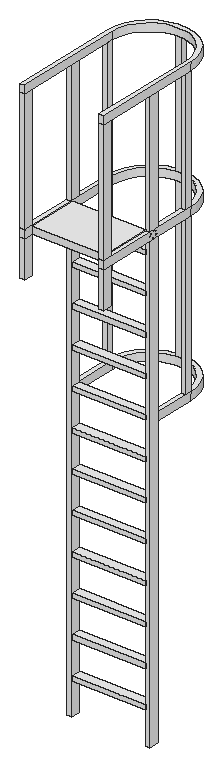
Revit family
Parameters (values of type "3800mm")
  Rungs = 12
  Keynote = "L30/410"
  Height [instance] = 3800 mm
Types (3, lengths in mm): name | Rungs | Height
  (no name) | 12 | 3800
  3800mm | 12 | 3800
  4800mm | 16 | 4800
Reference planes
  plane 1: y = 0
  plane 2 "Center (Left/Right)": x = 0
  plane 3 "Wall Edge": y = 76.2
  plane 4: z = 2438.4
  plane 5: z = 4866.605
  plane 6: x = 304.8
  plane 7: x = -304.8
  plane 8: y = 622.3
  plane 9: y = -527.191
  plane 10: y = 203.2
  plane 11: y = 279.4
  plane 12: x = -342.9
  plane 13: x = 342.9
  plane 14: z = 3799.903
  plane 15: z = 4803.105
  plane 16: z = 3736.403
  plane 17: z = 2374.9
  plane 18: y = -279.4
  plane 19: y = -203.2
  plane 20: z = 3431.603
Forms (mm)
  Extrusion 1, solid, material "Metal - Aluminum"
    sketch origin (0, 0, 0) x (0, 1, 0) y (0, 0, 1)
      loop
        line (279.4, 304.8) -> (203.2, 304.8) -> (203.2, 266.7) -> (279.4, 266.7) -> (279.4, 304.8)
    from -304.8 to 304.8
  Extrusion 2, solid, material "Metal - Aluminum"
    sketch origin (0, 0, 304.8) x (0, 1, 0) y (0, 0, 1)
      loop
        line (279.4, 304.8) -> (203.2, 304.8) -> (203.2, 266.7) -> (279.4, 266.7) -> (279.4, 304.8)
    from -304.8 to 304.8
  Extrusion 3, solid, material "Metal - Aluminum"
    sketch origin (0, 0, 609.6) x (0, 1, 0) y (0, 0, 1)
      loop
        line (279.4, 304.8) -> (203.2, 304.8) -> (203.2, 266.7) -> (279.4, 266.7) -> (279.4, 304.8)
    from -304.8 to 304.8
  Extrusion 4, solid, material "Metal - Aluminum"
    sketch origin (0, 0, 914.4) x (0, 1, 0) y (0, 0, 1)
      loop
        line (279.4, 304.8) -> (203.2, 304.8) -> (203.2, 266.7) -> (279.4, 266.7) -> (279.4, 304.8)
    from -304.8 to 304.8
  Extrusion 5, solid, material "Metal - Aluminum"
    sketch origin (0, 0, 1219.2) x (0, 1, 0) y (0, 0, 1)
      loop
        line (279.4, 304.8) -> (203.2, 304.8) -> (203.2, 266.7) -> (279.4, 266.7) -> (279.4, 304.8)
    from -304.8 to 304.8
  Extrusion 6, solid, material "Metal - Aluminum"
    sketch origin (0, 0, 1524) x (0, 1, 0) y (0, 0, 1)
      loop
        line (279.4, 304.8) -> (203.2, 304.8) -> (203.2, 266.7) -> (279.4, 266.7) -> (279.4, 304.8)
    from -304.8 to 304.8
  Extrusion 7, solid, material "Metal - Aluminum"
    sketch origin (0, 0, 1828.8) x (0, 1, 0) y (0, 0, 1)
      loop
        line (279.4, 304.8) -> (203.2, 304.8) -> (203.2, 266.7) -> (279.4, 266.7) -> (279.4, 304.8)
    from -304.8 to 304.8
  Extrusion 8, solid, material "Metal - Aluminum"
    sketch origin (0, 0, 2133.6) x (0, 1, 0) y (0, 0, 1)
      loop
        line (279.4, 304.8) -> (203.2, 304.8) -> (203.2, 266.7) -> (279.4, 266.7) -> (279.4, 304.8)
    from -304.8 to 304.8
  Extrusion 9, solid, material "Metal - Aluminum"
    sketch origin (0, 0, 2438.4) x (0, 1, 0) y (0, 0, 1)
      loop
        line (279.4, 304.8) -> (203.2, 304.8) -> (203.2, 266.7) -> (279.4, 266.7) -> (279.4, 304.8)
    from -304.8 to 304.8
  Extrusion 10, solid, material "Metal - Aluminum"
    sketch origin (0, 0, 2743.2) x (0, 1, 0) y (0, 0, 1)
      loop
        line (279.4, 304.8) -> (203.2, 304.8) -> (203.2, 266.7) -> (279.4, 266.7) -> (279.4, 304.8)
    from -304.8 to 304.8
  Extrusion 11, solid, material "Metal - Aluminum"
    sketch origin (0, 0, 3048) x (0, 1, 0) y (0, 0, 1)
      loop
        line (279.4, 304.8) -> (203.2, 304.8) -> (203.2, 266.7) -> (279.4, 266.7) -> (279.4, 304.8)
    from -304.8 to 304.8
  Extrusion 12, solid, material "Metal - Aluminum"
    sketch origin (0, 0, 3352.8) x (0, 1, 0) y (0, 0, 1)
      loop
        line (279.4, 304.8) -> (203.2, 304.8) -> (203.2, 266.7) -> (279.4, 266.7) -> (279.4, 304.8)
    from -304.8 to 304.8
  Extrusion 13, solid, material "Metal - Aluminum"
    sketch origin (0, 0, 0) x (1, 0, 0) y (0, 1, 0)
      loop
        line (-342.9, -279.4) -> (-304.8, -279.4) -> (-304.8, 622.3)
        arc (-304.8, 622.3) -> (0, 927.1) -> (304.8, 622.3) r 304.8
        line (304.8, 622.3) -> (304.8, -279.4) -> (342.9, -279.4) -> (342.9, 622.3)
        arc (342.9, 622.3) -> (0, 965.2) -> (-342.9, 622.3) r 342.9
        line (-342.9, 622.3) -> (-342.9, -279.4)
    from 4803.105 to 4866.605
  Extrusion 14, solid, material "Metal - Aluminum"
    sketch origin (0, 0, 0) x (1, 0, 0) y (0, 1, 0)
      loop
        arc (342.9, 622.3) -> (0, 965.2) -> (-342.9, 622.3) r 342.9
        line (-342.9, 622.3) -> (-342.9, 279.4) -> (-304.8, 279.4) -> (-304.8, 622.3)
        arc (-304.8, 622.3) -> (0, 927.1) -> (304.8, 622.3) r 304.8
        line (304.8, 622.3) -> (304.8, 279.4) -> (342.9, 279.4) -> (342.9, 622.3)
    from 2374.9 to 2438.4
  Extrusion 15, solid, material "Metal - Aluminum"
    sketch origin (0, 0, 0) x (1, 0, 0) y (0, 1, 0)
      loop
        arc (342.9, 622.3) -> (0, 965.2) -> (-342.9, 622.3) r 342.9
        line (-342.9, 622.3) -> (-342.9, -279.4) -> (-304.8, -279.4) -> (-304.8, 622.3)
        arc (-304.8, 622.3) -> (0, 927.1) -> (304.8, 622.3) r 304.8
        line (304.8, 622.3) -> (304.8, -279.4) -> (342.9, -279.4) -> (342.9, 622.3)
    from 3736.403 to 3799.903
  Extrusion 16, solid, material "Metal - Aluminum"
    sketch origin (0, 0, 0) x (1, 0, 0) y (0, 1, 0)
      loop
        line (-342.9, -203.2) -> (-342.9, -279.4) -> (-304.8, -279.4) -> (-304.8, -203.2) -> (-342.9, -203.2)
      loop
        line (304.8, -203.2) -> (304.8, -279.4) -> (342.9, -279.4) -> (342.9, -203.2) -> (304.8, -203.2)
    from 3431.603 to 4803.105
  Extrusion 17, solid, material "Metal - Aluminum"
    sketch origin (0, 0, 0) x (1, 0, 0) y (0, 1, 0)
      loop
        line (-342.9, 279.4) -> (-342.9, 203.2) -> (-304.8, 203.2) -> (-304.8, 279.4) -> (-342.9, 279.4)
      loop
        line (304.8, 279.4) -> (304.8, 203.2) -> (342.9, 203.2) -> (342.9, 279.4) -> (304.8, 279.4)
    from 0 to 4803.105
  Extrusion 18, solid, material "Metal - Aluminum"
    sketch origin (0, 0, 0) x (1, 0, 0) y (0, 1, 0)
      loop
        line (-342.9, 622.3) -> (-342.9, 571.5) -> (-304.8, 571.5) -> (-304.8, 622.3) -> (-342.9, 622.3)
      loop
        line (304.8, 622.3) -> (304.8, 571.5) -> (342.9, 571.5) -> (342.9, 622.3) -> (304.8, 622.3)
      loop
        line (-26.119, 963.616) -> (-26.119, 925.516) -> (24.681, 925.516) -> (24.681, 963.616) -> (-26.119, 963.616)
    from 2438.4 to 4803.105
  Extrusion 19, solid, material "Metal - Aluminum"
    sketch origin (0, 0, 0) x (1, 0, 0) y (0, 1, 0)
      loop
        line (-304.8, 203.2) -> (-304.8, -203.2) -> (304.8, -203.2) -> (304.8, 203.2) -> (-304.8, 203.2)
    from 3736.403 to 3799.903
Text (mm)
  text "Placement Side" at (0, 1019.848, 3124.603), in view "Right"
  text "Placement Side" at (-1787.662, 723.012, 0), in view "Ref. Level"
  text "Placement Side" at (0, 1996.779, 4341.291), in view "Left"
Dimensions and locks
  locked: plane 3 "Wall Edge" to host wall
  level to plane 4 = 2438.4 mm
  locked: plane 6 to plane 7 at 609.6
  equal spacing: plane 6, plane 2 "Center (Left/Right)", plane 7
  locked: plane 3 "Wall Edge" to plane 11 at 203.2
  locked: plane 10 to plane 11 at 76.2
  equal spacing: group 1, group 2, group 3, group 4, group 5, group 6, group 7, group 8, group 9, group 10, group 11, group 12  (x3)
  locked: plane 12 to plane 7 at 38.1
  locked: plane 6 to plane 13 at 38.1
  locked: plane 15 to plane 5 at 63.5
  locked: plane 16 to plane 14 at 63.5
  locked: plane 17 to plane 4 at 63.5
  locked: plane 18 to host wall at 203.2
  locked: plane 18 to plane 19 at 76.2
  locked: plane 20 to plane 16 at 304.8
  level to plane 5 = 4866.605 mm
  locked: plane 14 to plane 5 at 1066.703
  "Height": host wall to plane 14
  aligned and locked: Extrusion 1 sketch curve to plane 11
  aligned and locked: plane 10 to Extrusion 1 sketch curve
  aligned and locked: Extrusion 1 to plane 7
  aligned and locked: plane 6 to Extrusion 1
  aligned and locked: plane 7 to Extrusion 13 sketch curve
  aligned and locked: Extrusion 13 sketch curve to plane 12
  aligned and locked: Extrusion 13 sketch curve to plane 6
  aligned and locked: Extrusion 13 sketch curve to plane 13
  aligned and locked: plane 11 to Extrusion 14 sketch curve  (x2)
  aligned and locked: Extrusion 15 sketch curve to Extrusion 13  (x2)
  aligned and locked: Extrusion 13 to plane 5
  aligned and locked: Extrusion 14 to plane 4
  aligned and locked: plane 15 to Extrusion 13
  aligned and locked: Extrusion 15 to plane 14
  aligned and locked: plane 16 to Extrusion 15
  aligned and locked: plane 17 to Extrusion 14
  aligned and locked: plane 6 to Extrusion 16 sketch curve
  aligned and locked: plane 13 to Extrusion 16 sketch curve
  aligned and locked: Extrusion 16 sketch curve to plane 18  (x2)
  aligned and locked: Extrusion 16 sketch curve to plane 7
  aligned and locked: Extrusion 16 sketch curve to plane 12
  aligned and locked: plane 19 to Extrusion 16 sketch curve
  aligned and locked: plane 20 to Extrusion 16
  aligned and locked: plane 18 to Extrusion 13 sketch curve
  aligned and locked: Extrusion 13 sketch curve to Extrusion 13 sketch curve
  aligned and locked: Extrusion 16 to Extrusion 13
  aligned and locked: plane 12 to Extrusion 17 sketch curve
  aligned and locked: plane 11 to Extrusion 17 sketch curve
  aligned and locked: Extrusion 1 to Extrusion 17 sketch curve  (x2)
  aligned and locked: Extrusion 17 sketch curve to Extrusion 1  (x2)
  aligned and locked: plane 10 to Extrusion 17 sketch curve
  aligned and locked: plane 13 to Extrusion 17 sketch curve
  aligned and locked: Extrusion 17 to plane 15
  aligned and locked: plane 8 to Extrusion 18 sketch curve  (x2)
  aligned and locked: plane 4 to Extrusion 18
  aligned and locked: Extrusion 18 to plane 15
  aligned and locked: Extrusion 17 to Extrusion 19 sketch curve
  aligned and locked: plane 19 to Extrusion 19 sketch curve
  aligned and locked: plane 16 to Extrusion 19
  aligned and locked: Extrusion 19 to plane 14
  aligned and locked: plane 7 to Extrusion 19 sketch curve
  aligned and locked: Extrusion 19 sketch curve to plane 6
Automatic sketch dimensions
  level to Extrusion 1 sketch curve = 266.7 mm
  Extrusion 1 sketch curve to Extrusion 1 sketch curve = 38.1 mm
  Extrusion 2 sketch curve to Extrusion 2 sketch curve = 38.1 mm
  Extrusion 3 sketch curve to Extrusion 3 sketch curve = 38.1 mm
  Extrusion 4 sketch curve to Extrusion 4 sketch curve = 38.1 mm
  Extrusion 5 sketch curve to Extrusion 5 sketch curve = 38.1 mm
  Extrusion 6 sketch curve to Extrusion 6 sketch curve = 38.1 mm
  Extrusion 7 sketch curve to Extrusion 7 sketch curve = 38.1 mm
  Extrusion 8 sketch curve to Extrusion 8 sketch curve = 38.1 mm
  Extrusion 9 sketch curve to Extrusion 9 sketch curve = 38.1 mm
  Extrusion 10 sketch curve to Extrusion 10 sketch curve = 38.1 mm
  Extrusion 11 sketch curve to Extrusion 11 sketch curve = 38.1 mm
  Extrusion 12 sketch curve to Extrusion 12 sketch curve = 38.1 mm
  Extrusion 15 sketch curve to plane 12 = 0 mm
  Extrusion 15 sketch curve to plane 7 = 0 mm
  Extrusion 15 sketch curve to plane 6 = 0 mm
  Extrusion 15 sketch curve to plane 13 = 0 mm
  Extrusion 15 sketch curve to plane 8 = 0 mm  (x2)
  Extrusion 16 sketch curve to plane 19 = 0 mm
  Extrusion 13 sketch curve to plane 8 = 0 mm  (x2)
  Extrusion 14 sketch curve to plane 12 = 0 mm
  Extrusion 14 sketch curve to plane 7 = 0 mm
  Extrusion 14 sketch curve to plane 2 "Center (Left/Right)" = 0 mm  (x2)
  Extrusion 14 sketch curve to plane 8 = 0 mm  (x2)
  Extrusion 18 sketch curve to plane 12 = 0 mm
  Extrusion 18 sketch curve to plane 7 = 0 mm
  Extrusion 18 sketch curve to plane 6 = 0 mm
  Extrusion 18 sketch curve to plane 13 = 0 mm
  Extrusion 18 sketch curve to plane 2 "Center (Left/Right)" = 26.119 mm
  plane 2 "Center (Left/Right)" to Extrusion 18 sketch curve = 24.681 mm
  plane 8 to Extrusion 18 sketch curve = 50.8 mm  (x2)
  Extrusion 18 sketch curve to plane 8 = 303.216 mm
  Extrusion 18 sketch curve to Extrusion 18 sketch curve = 38.1 mm
